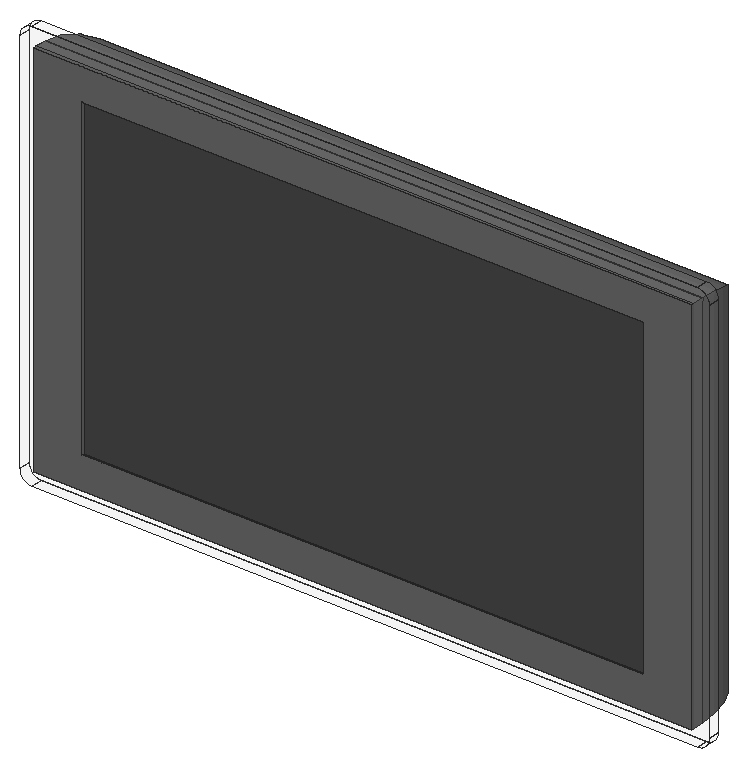
Revit family "Televisão básica", category Furniture, Revit 2016
Family settings
  Work Plane-Based = No
  Always vertical = Yes
  Cut with Voids When Loaded = No
  Shared = No
  Room Calculation Point = No
Parameters (values of type "Tv fixada na parede")
  SinAng = (sin(29.36°) * 0.1 cm)  # 0.049 cm
  Stand [instance] = yes
  L = (Diagonal / 0.1 cm) * CosAng  # 70.5961 cm
  H = (Diagonal / 0.1 cm) * SinAng  # 39.7139 cm
  Thickness = 11 cm
  Diagonal = 81 cm
  CosAng = (cos(29.36°) * 0.1 cm)  # 0.0872 cm
  Base = no
Types (2, lengths in cm): name | Base
  Tv com suporte | yes
  Tv fixada na parede | no
Reference planes (cm)
  plane 1 "Back": y = 5.8539
  plane 2: z = 0
  plane 3 "Center (Left/Right)": x = -0.3945
  plane 4: x = -35.6925
  plane 5: x = 34.9036
  plane 6: z = 12
  plane 7: z = 51.7139
  plane 8: z = 31.857
  plane 9: y = -5.1461
  plane 10: x = -18.0435
  plane 11: x = 17.2546
Forms (cm)
  Extrusion 1, solid, material "TV - Black"
    sketch origin (0, 5.8539, 0) x (1, 0, 0) y (0, 0, 1)
      loop
        line (-41.6925, 55.7139) -> (-41.6925, 8) -> (40.9036, 8) -> (40.9036, 55.7139) -> (-41.6925, 55.7139)
    from 0 to 11
  Sweep 2, void
    path in 3D
      loop
        line (40.9036, -5.1461, 8) -> (40.9036, -5.1461, 55.7139) -> (-41.6925, -5.1461, 55.7139) -> (-41.6925, -5.1461, 8)
    profile origin (-41.6925, -5.1461, 31.857) x (-1, 0, 0) y (0, -1, 0)
      loop
        arc (0, 0) -> (-3.2218, -7.7782) -> (-11, -11) r 11
        line (-11, -11) -> (0, -11) -> (0, 0)
  Extrusion 3, solid, material "TV - Glass"
    sketch origin (158.3302, -5.1461, 120) x (1, 0, 0) y (0, 0, 1)
      loop
        arc (-200.5227, -62.2861) -> (-201.5833, -62.7254) -> (-202.0227, -63.7861) r 1.5
        line (-202.0227, -63.7861) -> (-202.0227, -112.5)
        arc (-202.0227, -112.5) -> (-201.5833, -113.5607) -> (-200.5227, -114) r 1.5
        line (-200.5227, -114) -> (-116.9266, -114)
        arc (-116.9266, -114) -> (-115.8659, -113.5607) -> (-115.4266, -112.5) r 1.5
        line (-115.4266, -112.5) -> (-115.4266, -63.7861)
        arc (-115.4266, -63.7861) -> (-115.8659, -62.7254) -> (-116.9266, -62.2861) r 1.5
        line (-116.9266, -62.2861) -> (-200.5227, -62.2861)
      loop
        line (-200.0227, -64.2861) -> (-200.0227, -112) -> (-117.4266, -112) -> (-117.4266, -64.2861) -> (-200.0227, -64.2861)
    from 0 to 1.5
  Extrusion 4, solid, material "TV - Black"
    sketch origin (158.3302, -5.1461, 120) x (1, 0, 0) y (0, 0, 1)
      loop
        line (-200.0227, -64.2861) -> (-200.0227, -112) -> (-117.4266, -112) -> (-117.4266, -64.2861) -> (-200.0227, -64.2861)
    from 0 to 1.8
  Extrusion 5, void
    sketch origin (158.3302, -5.1461, 120) x (-1, 0, 0) y (0, 0, 1)
      loop
        line (123.4266, -68.2861) -> (123.4266, -108) -> (194.0227, -108) -> (194.0227, -68.2861) -> (123.4266, -68.2861)
    from -1.5 to -3
  Extrusion 6, solid, material "TV - Black", visible <- "Base"
    sketch origin (-18.0435, -152.4, -18.6653) x (0, 0, -1) y (0, -1, 0)
      loop
        line (-18.6653, -147.2539) -> (-26.6653, -147.2539) -> (-26.6653, -152.2539) -> (-18.6653, -157.2539) -> (-18.6653, -147.2539)
    from 0 to -35.298
  Extrusion 7, solid, material "TV - Black", visible <- "Base"
    sketch origin (-18.0435, -152.4, -18.6653) x (0, 0, -1) y (0, -1, 0)
      loop
        line (-18.6653, -137.2539) -> (-19.6653, -137.2539) -> (-20.6653, -147.2539) -> (-18.6653, -147.2539) -> (-18.6653, -137.2539)
    from 0 to -35.298
Cuts and joins
  Sweep 2, Extrusion 5 cuts Extrusion 1
  Extrusion 5 cuts Extrusion 3
  Extrusion 5 cuts Extrusion 4
  joined: Extrusion 6, Extrusion 7
Lines and regions (cm)
  sketch lines
    curve 1: line (-41.6925, -5.1461, 55.7139) -> (-41.6925, -5.1461, 8)
    curve 2: line (40.9036, -5.1461, 55.7139) -> (-41.6925, -5.1461, 55.7139)
    curve 3: line (40.9036, -5.1461, 8) -> (40.9036, -5.1461, 55.7139)
  model lines, detail levels medium+fine
    curve 4: line (-36.6925, -6.9461, 11) -> (-38.6925, -6.9461, 11)
    curve 5: line (-36.6925, -6.9461, 9) -> (-36.6925, -6.9461, 11)
    curve 6: line (-38.6925, -6.9461, 9) -> (-36.6925, -6.9461, 9)
    curve 7: line (-38.6925, -6.9461, 11) -> (-38.6925, -6.9461, 9)
Dimensions and locks (cm)
  equal spacing: plane 7, plane 8, plane 6
  "H": plane 7 to plane 6
  equal spacing: plane 5, plane 3 "Center (Left/Right)", plane 4
  "L": plane 5 to plane 4
  locked: plane 4 to Extrusion 1 sketch curve at 6
  locked: Extrusion 1 sketch curve to plane 5 at 6
  locked: Extrusion 1 sketch curve to plane 7 at 4
  locked: plane 6 to Extrusion 1 sketch curve at 4
  "Thickness": plane 9 to plane 1 "Back"
  locked: Extrusion 3 sketch curve to plane 7 at 6
  locked: plane 6 to Extrusion 3 sketch curve at 6
  locked: plane 4 to Extrusion 3 sketch curve at 8
  locked: Extrusion 3 sketch curve to plane 5 at 8
  locked: plane 4 to Extrusion 4 sketch curve at 6
  locked: Extrusion 4 sketch curve to plane 5 at 6
  locked: Extrusion 4 sketch curve to plane 7 at 4
  locked: plane 6 to Extrusion 4 sketch curve at 4
  locked: Extrusion 3 sketch curve to plane 7 at 4
  locked: plane 6 to Extrusion 3 sketch curve at 4
  locked: plane 4 to Extrusion 3 sketch curve at 6
  locked: Extrusion 3 sketch curve to plane 5 at 6
  equal spacing: plane 3 "Center (Left/Right)", plane 10, plane 4
  equal spacing: plane 5, plane 11, plane 3 "Center (Left/Right)"
  locked: Extrusion 6 sketch curve to plane 6 at 4
  locked: plane 9 to Extrusion 6 sketch curve at 10
  locked: Extrusion 7 sketch curve to plane 2 at 1
  locked: Extrusion 7 sketch curve to plane 2 at 2
  "Thickness": radius of Sweep 2 sketch curve
  aligned and locked: plane 9 to Extrusion 1
  aligned and locked: profile plane to Sweep 2 sketch curve
  aligned and locked: Sweep 2 sketch curve to plane 1 "Back"
  aligned and locked: Extrusion 5 sketch curve to plane 5
  aligned and locked: Extrusion 5 sketch curve to plane 7
  aligned and locked: plane 4 to Extrusion 5 sketch curve
  aligned and locked: Extrusion 5 sketch curve to plane 6
  aligned and locked: Extrusion 6 sketch curve to plane 9
  aligned and locked: plane 2 to Extrusion 6 sketch curve
  aligned and locked: Extrusion 6 to plane 11
  aligned and locked: Extrusion 7 to plane 11
  aligned and locked: Extrusion 7 sketch curve to plane 2
Automatic sketch dimensions
  Sweep 2 sketch curve to profile plane = 0 cm  (x3)
  Sweep 2 sketch curve to Sweep 2 sketch curve = 0 cm
  Extrusion 3 sketch curve to Extrusion 3 sketch curve = 1.5 cm  (x4)
  curve 6 to curve 6 = 2 cm
  curve 6 to Extrusion 4 = 1 cm
  curve 5 to curve 5 = 2 cm
  curve 4 to Extrusion 4 = 3 cm
  plane 1 "Back" to Extrusion 6 sketch curve = 6 cm
  Extrusion 7 sketch curve to plane 9 = 0 cm
  plane 9 to Extrusion 7 sketch curve = 10 cm
